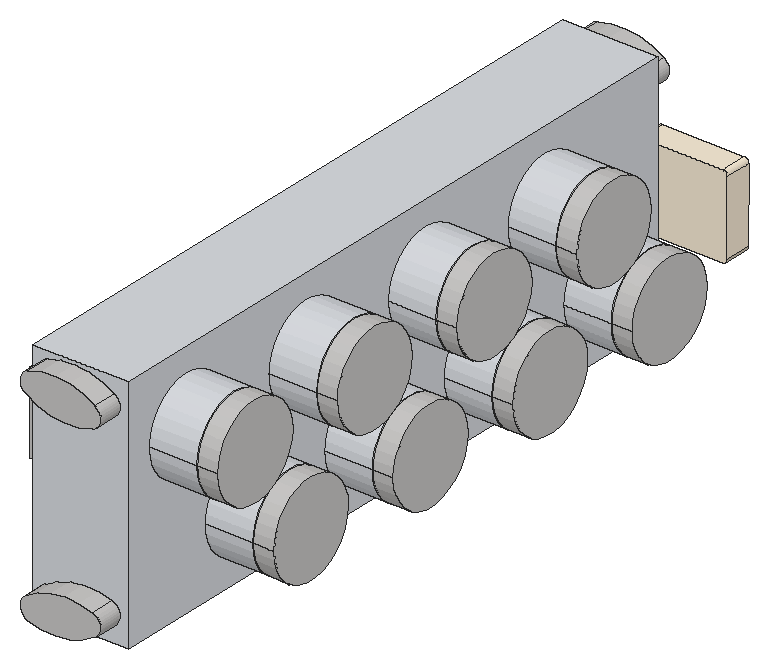
Revit family "HVAC_Ductwork_Airzone_Motorized-Plenum_Mitsubishi-Heavy_Standard_8-Dampers", category Mechanical Equipment, Revit 2016
Family settings
  Part Type = Normal
  Round Connector Dimension = Use Diameter
  OmniClass Number = 23.75.70.14
  OmniClass Title = Air Ductwork
  Work Plane-Based = No
  Always vertical = Yes
  Cut with Voids When Loaded = No
  Shared = No
  Room Calculation Point = No
Parameters (values of type "MHIST01L8")
  Voltage = 230 V
  URL = "www.airzone.es"
  Type Image Comments = "Image available in product documentation download"  # constant formula
  Revit Model Version = "1.0"  # constant formula
  Revit Model Author URL = "www.a3d.es"
  Revit Model Author = "A3D Consulting"  # constant formula
  Product Documentation Download URL = "http://doc.airzone.es/BIM/Easyzone/Mitsubishi_Heavy-Airzone_motorized_plenum.zip"
  Product Comments = "Refer to technical documentation for further details"  # constant formula
  Power Factor = 1
  Neck Width = 1206.000 mm
  Neck Length = 95.000 mm
  Neck Height = 176.000 mm
  Material = Metal - AIRZONE - Galvanized Sheet - Semi-polished
  Main Control Board Material = Plastic - AIRZONE - Smooth - Off-white
  Load Classification = Other
  Insulated Body Width = 205.000 mm  # constant formula
  Insulated Body Material = Metal -AIRZONE - Insulating Lining -Aluminum Finish
  Insulated Body Length = 1425.000 mm  # constant formula
  Insulated Body Height = 515.000 mm  # constant formula
  Fresh Air Inlet 4 Flow [instance] = 0 m³/h
  Fresh Air Inlet 3 Flow [instance] = 0 m³/h
  Flow [instance] = Damper 8 Air Flow + Damper 7 Air Flow + Damper 6 Air Flow + Damper 5 Air Flow + Damper 4 Air Flow + Damper 3 Air Flow + Damper 2 Air Flow + Damper 1 Air Flow - Fresh Air Inlet 4 Flow - Fresh Air Inlet 3 Flow - Fresh Air Inlet 2 Flow - Fresh Air Inlet 1 Flow  # 2400 m³/h
  Fresh Air Inlet 1 Flow [instance] = 0 m³/h
  Fresh Air Inlet 2 Flow [instance] = 0 m³/h
  Fresh Air Inlet Connection Width = 175.000 mm
  Fresh Air Inlet Connection Height = 75.000 mm
  Model = "MHIST01L8"
  Neck Side Offset = 109.500 mm
  Neck Bottom Offset = 214.500 mm
  Type Image = <None>
  Manufacturer = "AIRZONE"  # constant formula
  Main Control Board Depth = 57.000 mm  # constant formula
  Main Control Board Width = 195.000 mm  # constant formula
  Main Control Board Height = 180.000 mm  # constant formula
  Fixing = ""
  Disclaimer = "All information provided in this model is reviewed before being published. However, Airzone cannot guarantee this model is error-free, therefore users are strongly encouraged to check for technical documentation and updates"  # constant formula
  Description = "Airzone standard motorized plenum with neck that mechanically adapts to the main ducted AC units of Mitsubishi Heavy."
  Type Comments = ""
  Dampers Length = 149.000 mm  # constant formula
  Dampers Diameter = 200.000 mm  # constant formula
  Damper 8 Air Flow [instance] = 300 m³/h
  Damper 7 Air Flow [instance] = 300 m³/h
  Damper 6 Air Flow [instance] = 300 m³/h
  Damper 5 Air Flow [instance] = 300 m³/h
  Damper 4 Air Flow [instance] = 300 m³/h
  Damper 1 Air Flow [instance] = 300 m³/h
  Damper 2 Air Flow [instance] = 300 m³/h
  Damper 3 Air Flow [instance] = 300 m³/h
  Fresh Air Inlet Connection Offset Height = 48.305 mm  # constant formula
  Compatible Accesories = ""
  Apparent Load = 57.5 VA
Reference planes
  plane 1 "Center (Front/Back)": y = 0
  plane 2 "Center (Elevation)": z = 0
  plane 3 "Center (Left/Right)": x = 0
  plane 4 "Neck Back": y = 603
  plane 5 "Neck Front": y = -603
  plane 6 "Neck Top": z = 88
  plane 7 "Neck Bottom": z = -88
  plane 8 "Left": x = 95
  plane 9 "Bottom": z = -302.5
  plane 10 "Top": z = 212.5
  plane 11 "Front": y = -712.5
  plane 12 "Back": y = 712.5
  plane 13 "Right": x = 300
  plane 14 "Dampers Front": x = 449
  plane 15 "Dampers L1 Center (Elevation)": z = 62.5
  plane 16 "Damper3": y = -235.84
  plane 17 "Damper2": y = 85.83
  plane 18 "Damper1": y = 407.5
  plane 19 "Middle": y = 0
  plane 20 "FreshAir L2 Center (Elevation)": z = -254.195
  plane 21 "FreshAir1": y = 765
  plane 22 "FreshAir2": y = -765
  plane 23 "Dampers Lining": x = 404
  plane 24 "FreshAir Vertical Axis": x = 195.83
  plane 25 "ConnectionBox Side": x = 254
  plane 26 "Main Control Board Center (Left/Right)": x = 351.5
  plane 27 "Damper4": y = -557.51
  plane 28 "Dampers L2 Center (Elevation)": z = -152.5
  plane 29 "Damper5": y = 557.51
  plane 30 "Damper6": y = 235.84
  plane 31 "Damper7": y = -85.83
  plane 32 "Damper8": y = -407.5
  plane 33 "InsulatedBody Center (Elevation)": z = -45
  plane 34 "FreshAir L1 Center (Elevation)": z = 164.195
Forms (mm)
  Extrusion 1, solid, material "Metal - AIRZONE - Galvanized Sheet - Semi-polished" <- "Material"
    sketch origin (0, 0, 0) x (0, 1, 0) y (0, 0, 1)
      loop
        line (-603, 88) -> (-603, -88) -> (603, -88) -> (603, 88) -> (-603, 88)
    from 0 to 95
  Extrusion 2, solid, material "Metal -AIRZONE - Insulating Lining -Aluminum Finish" <- "Insulated Body Material"
    sketch origin (95, 0, 0) x (0, 1, 0) y (0, 0, 1)
      loop
        line (-712.5, 212.5) -> (-712.5, -302.5) -> (712.5, -302.5) -> (712.5, 212.5) -> (-712.5, 212.5)
    from 0 to 205
  Extrusion 3, solid, material "Metal - AIRZONE - Galvanized Sheet - Semi-polished" <- "Material"
    sketch origin (300, 0, 0) x (0, 1, 0) y (0, 0, 1)
      loop
        circle (-235.84, 62.5) r 100
    from 104 to 149
  Extrusion 4, solid, material "Metal - AIRZONE - Galvanized Sheet - Semi-polished" <- "Material"
    sketch origin (300, 0, 0) x (0, 1, 0) y (0, 0, 1)
      loop
        circle (85.83, 62.5) r 100
    from 104 to 149
  Extrusion 5, solid, material "Metal - AIRZONE - Galvanized Sheet - Semi-polished" <- "Material"
    sketch origin (300, 0, 0) x (0, 1, 0) y (0, 0, 1)
      loop
        circle (407.5, 62.5) r 100
    from 104 to 149
  Extrusion 6, solid, material "Metal - AIRZONE - Galvanized Sheet - Semi-polished" <- "Material"
    sketch origin (0, -712.5, 0) x (0, 0, 1) y (1, 0, 0)
      loop
        arc (-221.641, 265.204) -> (-243.108, 282.105) -> (-267.812, 270.434) r 25.96
        arc (-267.812, 270.434) -> (-293.802, 200.598) -> (-286.349, 126.456) r 164.67
        arc (-286.349, 126.456) -> (-265.165, 109.589) -> (-240.494, 120.751) r 25.96
        arc (-240.494, 120.751) -> (-214.225, 190.78) -> (-221.641, 265.204) r 164.67
    from 0 to -52.5
  Extrusion 7, solid, material "Metal - AIRZONE - Galvanized Sheet - Semi-polished" <- "Material"
    sketch origin (0, 712.5, 0) x (0, 0, 1) y (1, 0, 0)
      loop
        arc (-221.641, 265.204) -> (-242.825, 282.071) -> (-267.496, 270.909) r 25.96
        arc (-267.496, 270.909) -> (-293.679, 201.53) -> (-286.767, 127.699) r 164.67
        arc (-286.767, 127.699) -> (-265.532, 109.637) -> (-240.178, 121.226) r 25.96
        arc (-240.178, 121.226) -> (-214.188, 191.062) -> (-221.641, 265.204) r 164.67
    from 0 to 52.5
  Extrusion 8, solid, material "Metal -AIRZONE - Insulating Lining -Aluminum Finish" <- "Insulated Body Material"
    sketch origin (300, 0, 0) x (0, 1, 0) y (0, 0, 1)
      loop
        circle (407.5, 62.5) r 100
    from 0 to 104
  Extrusion 9, solid, material "Metal -AIRZONE - Insulating Lining -Aluminum Finish" <- "Insulated Body Material"
    sketch origin (300, -260, 0) x (0, 1, 0) y (0, 0, 1)
      loop
        circle (345.83, 62.5) r 100
    from 0 to 104
  Extrusion 10, solid, material "Metal -AIRZONE - Insulating Lining -Aluminum Finish" <- "Insulated Body Material"
    sketch origin (300, -520, 0) x (0, 1, 0) y (0, 0, 1)
      loop
        circle (284.16, 62.5) r 100
    from 0 to 104
  Extrusion 11, solid, material "Metal - AIRZONE - Galvanized Sheet - Semi-polished" <- "Material"
    sketch origin (300, -190, 0) x (0, 1, 0) y (0, 0, 1)
      loop
        circle (-367.51, 62.5) r 100
    from 104 to 149
  Extrusion 12, solid, material "Metal -AIRZONE - Insulating Lining -Aluminum Finish" <- "Insulated Body Material"
    sketch origin (300, -710, 0) x (0, 1, 0) y (0, 0, 1)
      loop
        circle (152.49, 62.5) r 100
    from 0 to 104
  Extrusion 13, solid, material "Metal -AIRZONE - Insulating Lining -Aluminum Finish" <- "Insulated Body Material"
    sketch origin (300, -100, 0) x (0, 1, 0) y (0, 0, 1)
      loop
        circle (657.51, -152.5) r 100
    from 0 to 104
  Extrusion 14, solid, material "Metal - AIRZONE - Galvanized Sheet - Semi-polished" <- "Material"
    sketch origin (300, 150.01, 0) x (0, 1, 0) y (0, 0, 1)
      loop
        circle (407.5, -152.5) r 100
    from 104 to 149
  Extrusion 15, solid, material "Metal -AIRZONE - Insulating Lining -Aluminum Finish" <- "Insulated Body Material"
    sketch origin (300, -421.67, 0) x (0, 1, 0) y (0, 0, 1)
      loop
        circle (657.51, -152.5) r 100
    from 0 to 104
  Extrusion 16, solid, material "Metal - AIRZONE - Galvanized Sheet - Semi-polished" <- "Material"
    sketch origin (300, -171.66, 0) x (0, 1, 0) y (0, 0, 1)
      loop
        circle (407.5, -152.5) r 100
    from 104 to 149
  Extrusion 17, solid, material "Metal -AIRZONE - Insulating Lining -Aluminum Finish" <- "Insulated Body Material"
    sketch origin (300, -743.34, 0) x (0, 1, 0) y (0, 0, 1)
      loop
        circle (657.51, -152.5) r 100
    from 0 to 104
  Extrusion 18, solid, material "Metal - AIRZONE - Galvanized Sheet - Semi-polished" <- "Material"
    sketch origin (300, -493.33, 0) x (0, 1, 0) y (0, 0, 1)
      loop
        circle (407.5, -152.5) r 100
    from 104 to 149
  Extrusion 19, solid, material "Metal -AIRZONE - Insulating Lining -Aluminum Finish" <- "Insulated Body Material"
    sketch origin (300, -1065.01, 0) x (0, 1, 0) y (0, 0, 1)
      loop
        circle (657.51, -152.5) r 100
    from 0 to 104
  Extrusion 20, solid, material "Metal - AIRZONE - Galvanized Sheet - Semi-polished" <- "Material"
    sketch origin (300, -815, 0) x (0, 1, 0) y (0, 0, 1)
      loop
        circle (407.5, -152.5) r 100
    from 104 to 149
  Extrusion 21, solid, material "Metal - AIRZONE - Galvanized Sheet - Semi-polished" <- "Material"
    sketch origin (0, -712.5, -30) x (0, 0, -1) y (-1, 0, 0)
      loop
        arc (-161.641, -265.204) -> (-154.225, -190.78) -> (-180.494, -120.751) r 164.67
        arc (-180.494, -120.751) -> (-205.165, -109.589) -> (-226.349, -126.456) r 25.96
        arc (-226.349, -126.456) -> (-233.802, -200.598) -> (-207.812, -270.434) r 164.67
        arc (-207.812, -270.434) -> (-183.108, -282.105) -> (-161.641, -265.204) r 25.96
    from 0 to -52.5
  Extrusion 22, solid, material "Metal - AIRZONE - Galvanized Sheet - Semi-polished" <- "Material"
    sketch origin (0, 712.5, -30) x (0, 0, -1) y (-1, 0, 0)
      loop
        arc (-161.641, -265.204) -> (-154.188, -191.062) -> (-180.178, -121.226) r 164.67
        arc (-180.178, -121.226) -> (-205.532, -109.637) -> (-226.767, -127.699) r 25.96
        arc (-226.767, -127.699) -> (-233.679, -201.53) -> (-207.496, -270.909) r 164.67
        arc (-207.496, -270.909) -> (-182.825, -282.071) -> (-161.641, -265.204) r 25.96
    from 0 to 52.5
Lines and regions (mm)
  Masking region 1
    outline origin (0, 0, 0) x (1, 0, 0) y (0, 1, 0)
      loop
        line (95, 712.5) -> (95, -712.5) -> (300, -712.5) -> (300, 712.5) -> (95, 712.5)
  Masking region 2, detail levels medium+fine
    outline origin (0, 0, 0) x (1, 0, 0) y (0, 1, 0)
      loop
        line (0, 603) -> (0, -603) -> (95, -603) -> (95, 603) -> (0, 603)
  Masking region 3, detail levels medium+fine
    outline origin (0, 0, -254.195) x (1, 0, 0) y (0, 1, 0)
      loop
        line (108.33, 765) -> (108.33, 712.5) -> (283.33, 712.5) -> (283.33, 765) -> (108.33, 765)
  Masking region 4, detail levels medium+fine
    outline origin (0, 0, -254.195) x (1, 0, 0) y (0, 1, 0)
      loop
        line (108.33, -712.5) -> (108.33, -765) -> (283.33, -765) -> (283.33, -712.5) -> (108.33, -712.5)
  Masking region 5, detail levels medium+fine
    outline origin (0, 0, 0) x (1, 0, 0) y (0, 1, 0)
      loop
        line (254, 769.5) -> (254, 712.5) -> (449, 712.5) -> (449, 769.5) -> (254, 769.5)
  Masking region 6, detail levels medium+fine
    outline origin (0, 0, 62.5) x (0, -1, 0) y (1, 0, 0)
      loop
        line (457.51, 300) -> (657.51, 300) -> (657.51, 449) -> (457.51, 449) -> (457.51, 300)
  Masking region 7, detail levels medium+fine
    outline origin (0, 321.67, 62.5) x (0, -1, 0) y (1, 0, 0)
      loop
        line (457.51, 300) -> (657.51, 300) -> (657.51, 449) -> (457.51, 449) -> (457.51, 300)
  Masking region 8, detail levels medium+fine
    outline origin (0, 643.34, 62.5) x (0, -1, 0) y (1, 0, 0)
      loop
        line (457.51, 300) -> (657.51, 300) -> (657.51, 449) -> (457.51, 449) -> (457.51, 300)
  Masking region 9, detail levels medium+fine
    outline origin (0, 965.01, 62.5) x (0, -1, 0) y (1, 0, 0)
      loop
        line (457.51, 300) -> (657.51, 300) -> (657.51, 449) -> (457.51, 449) -> (457.51, 300)
  Masking region 10, detail levels medium+fine
    outline origin (0, 0, -152.5) x (0, -1, 0) y (1, 0, 0)
      loop
        line (-657.51, 300) -> (-457.51, 300) -> (-457.51, 449) -> (-657.51, 449) -> (-657.51, 300)
  Masking region 11, detail levels medium+fine
    outline origin (0, -321.67, -152.5) x (0, -1, 0) y (1, 0, 0)
      loop
        line (-657.51, 300) -> (-457.51, 300) -> (-457.51, 449) -> (-657.51, 449) -> (-657.51, 300)
  Masking region 12, detail levels medium+fine
    outline origin (0, -643.34, -152.5) x (0, -1, 0) y (1, 0, 0)
      loop
        line (-657.51, 300) -> (-457.51, 300) -> (-457.51, 449) -> (-657.51, 449) -> (-657.51, 300)
  Masking region 13, detail levels medium+fine
    outline origin (0, -965.01, -152.5) x (0, -1, 0) y (1, 0, 0)
      loop
        line (-657.51, 300) -> (-457.51, 300) -> (-457.51, 449) -> (-657.51, 449) -> (-657.51, 300)
  symbolic lines, detail levels coarse
    curve 1: line (95, -712.5, 0) -> (300, 0, 0)
    curve 2: line (300, 0, 0) -> (95, 712.5, 0)
Dimensions and locks
  equal spacing: plane 4 "Neck Back", plane 1 "Center (Front/Back)", plane 5 "Neck Front"
  "Neck Width": plane 4 "Neck Back" to plane 5 "Neck Front"
  equal spacing: plane 6 "Neck Top", level, plane 7 "Neck Bottom"
  "Neck Height": plane 6 "Neck Top" to plane 7 "Neck Bottom"
  "Neck Length": plane 3 "Center (Left/Right)" to plane 8 "Left"
  "Neck Bottom Offset": plane 7 "Neck Bottom" to plane 9 "Bottom"
  "Insulated Body Height": plane 10 "Top" to plane 9 "Bottom"
  "Insulated Body Length": plane 12 "Back" to plane 11 "Front"
  "Insulated Body Width": plane 8 "Left" to plane 13 "Right"
  "Dampers Length": plane 13 "Right" to plane 14 "Dampers Front"
  equal spacing: plane 12 "Back", plane 19 "Middle", plane 11 "Front"
  plane 8 "Left" to plane 13 "Right" = 205.000 mm
  "Fresh Air Inlet Connection Offset Height": plane 20 "FreshAir L2 Center (Elevation)" to plane 9 "Bottom"
  locked: Extrusion 6 sketch curve to plane 9 "Bottom" at 56.47
  locked: plane 13 "Right" to Extrusion 6 sketch curve at 43.69
  locked: plane 13 "Right" to Extrusion 6 sketch curve at 164.65
  locked: Extrusion 6 sketch curve to plane 9 "Bottom" at 40.54
  locked: plane 13 "Right" to Extrusion 6 sketch curve at 87.91
  locked: plane 9 "Bottom" to Extrusion 6 sketch curve at 75.01
  locked: plane 13 "Right" to Extrusion 6 sketch curve at 120.43
  locked: Extrusion 6 sketch curve to plane 9 "Bottom" at 172.02
  locked: plane 13 "Right" to Extrusion 7 sketch curve at 43.69
  locked: Extrusion 7 sketch curve to plane 9 "Bottom" at 56.47
  locked: Extrusion 7 sketch curve to plane 9 "Bottom" at 40.54
  locked: plane 13 "Right" to Extrusion 7 sketch curve at 164.65
  locked: plane 13 "Right" to Extrusion 7 sketch curve at 120.43
  locked: Extrusion 7 sketch curve to plane 9 "Bottom" at 172.02
  locked: plane 9 "Bottom" to Extrusion 7 sketch curve at 75.01
  locked: plane 13 "Right" to Extrusion 7 sketch curve at 87.91
  "Neck Side Offset": plane 12 "Back" to plane 4 "Neck Back"
  locked: plane 21 "FreshAir1" to plane 12 "Back" at 52.5
  plane 11 "Front" to plane 22 "FreshAir2" = 52.500 mm
  locked: connector elem to plane 13 "Right" at 104.17
  locked: plane 20 "FreshAir L2 Center (Elevation)" to connector elem
  locked: plane 13 "Right" to connector elem at 104.17
  locked: connector elem to plane 20 "FreshAir L2 Center (Elevation)"
  locked: plane 23 "Dampers Lining" to plane 14 "Dampers Front" at 45
  locked: plane 24 "FreshAir Vertical Axis" to plane 13 "Right" at 104.17
  equal spacing: Masking region 3 sketch curve, plane 24 "FreshAir Vertical Axis", Masking region 3 sketch curve
  "Fresh Air Inlet Connection Width": Masking region 3 sketch curve to Masking region 3 sketch curve
  equal spacing: Masking region 4 sketch curve, plane 24 "FreshAir Vertical Axis", Masking region 4 sketch curve
  "Fresh Air Inlet Connection Width": Masking region 4 sketch curve to Masking region 4 sketch curve
  "Main Control Board Depth": Masking region 5 sketch curve to plane 12 "Back"
  "Main Control Board Width": plane 25 "ConnectionBox Side" to plane 14 "Dampers Front"
  equal spacing: plane 25 "ConnectionBox Side", plane 26 "Main Control Board Center (Left/Right)", plane 14 "Dampers Front"
  equal spacing: Masking region 6 sketch curve, plane 27 "Damper4", Masking region 6 sketch curve
  "Dampers Diameter": Masking region 6 sketch curve to Masking region 6 sketch curve
  plane 18 "Damper1" to plane 17 "Damper2" to plane 16 "Damper3" to plane 27 "Damper4" = 321.670 mm locked, 321.670 mm locked, 321.670 mm locked
  locked: plane 17 "Damper2" to plane 19 "Middle" at 85.83
  locked: plane 10 "Top" to plane 15 "Dampers L1 Center (Elevation)" at 150
  locked: plane 28 "Dampers L2 Center (Elevation)" to plane 9 "Bottom" at 150
  plane 29 "Damper5" to plane 30 "Damper6" to plane 31 "Damper7" to plane 32 "Damper8" = 321.670 mm locked, 321.670 mm locked, 321.670 mm locked
  locked: plane 19 "Middle" to plane 31 "Damper7" at 85.83
  equal spacing: Masking region 7 sketch curve, plane 16 "Damper3", Masking region 7 sketch curve
  "Dampers Diameter": Masking region 7 sketch curve to Masking region 7 sketch curve
  equal spacing: Masking region 8 sketch curve, plane 17 "Damper2", Masking region 8 sketch curve
  "Dampers Diameter": Masking region 8 sketch curve to Masking region 8 sketch curve
  equal spacing: Masking region 9 sketch curve, plane 18 "Damper1", Masking region 9 sketch curve
  "Dampers Diameter": Masking region 9 sketch curve to Masking region 9 sketch curve
  equal spacing: Masking region 10 sketch curve, plane 29 "Damper5", Masking region 10 sketch curve
  "Dampers Diameter": Masking region 10 sketch curve to Masking region 10 sketch curve
  equal spacing: Masking region 11 sketch curve, plane 30 "Damper6", Masking region 11 sketch curve
  "Dampers Diameter": Masking region 11 sketch curve to Masking region 11 sketch curve
  equal spacing: Masking region 12 sketch curve, plane 31 "Damper7", Masking region 12 sketch curve
  "Dampers Diameter": Masking region 12 sketch curve to Masking region 12 sketch curve
  equal spacing: Masking region 13 sketch curve, plane 32 "Damper8", Masking region 13 sketch curve
  "Dampers Diameter": Masking region 13 sketch curve to Masking region 13 sketch curve
  equal spacing: plane 10 "Top", plane 33 "InsulatedBody Center (Elevation)", plane 9 "Bottom"
  locked: plane 13 "Right" to Extrusion 21 sketch curve at 43.69
  locked: plane 13 "Right" to Extrusion 21 sketch curve at 87.91
  locked: plane 13 "Right" to Extrusion 21 sketch curve at 120.43
  locked: plane 13 "Right" to Extrusion 21 sketch curve at 164.65
  locked: Extrusion 21 sketch curve to plane 10 "Top" at 75.01
  locked: plane 10 "Top" to Extrusion 21 sketch curve at 40.54
  locked: plane 10 "Top" to Extrusion 21 sketch curve at 56.47
  locked: plane 10 "Top" to Extrusion 21 sketch curve at 172.02
  locked: plane 10 "Top" to Extrusion 22 sketch curve at 75.01
  locked: Extrusion 22 sketch curve to plane 10 "Top" at 40.54
  locked: Extrusion 22 sketch curve to plane 10 "Top" at 56.47
  locked: Extrusion 22 sketch curve to plane 10 "Top" at 172.02
  locked: plane 13 "Right" to Extrusion 22 sketch curve at 43.69
  locked: plane 13 "Right" to Extrusion 22 sketch curve at 87.91
  locked: plane 13 "Right" to Extrusion 22 sketch curve at 120.43
  locked: plane 13 "Right" to Extrusion 22 sketch curve at 164.65
  "Fresh Air Inlet Connection Offset Height": plane 10 "Top" to plane 34 "FreshAir L1 Center (Elevation)"
  locked: connector elem to plane 24 "FreshAir Vertical Axis"  (x2)
  locked: connector elem to plane 34 "FreshAir L1 Center (Elevation)"  (x2)
  "Dampers Diameter": diameter of Extrusion 3 sketch curve
  "Dampers Diameter": diameter of Extrusion 4 sketch curve
  "Dampers Diameter": diameter of Extrusion 5 sketch curve
  radius of Extrusion 7 sketch curve = 164.670 mm  (x2)
  radius of Extrusion 7 sketch curve = 25.960 mm  (x2)
  radius of Extrusion 6 sketch curve = 164.670 mm  (x2)
  radius of Extrusion 6 sketch curve = 25.960 mm  (x2)
  "Dampers Diameter": diameter of Extrusion 8 sketch curve
  "Dampers Diameter": diameter of Extrusion 9 sketch curve
  "Dampers Diameter": diameter of Extrusion 10 sketch curve
  "Dampers Diameter": diameter of Extrusion 11 sketch curve
  "Dampers Diameter": diameter of Extrusion 12 sketch curve
  "Dampers Diameter": diameter of Extrusion 13 sketch curve
  "Dampers Diameter": diameter of Extrusion 14 sketch curve
  "Dampers Diameter": diameter of Extrusion 15 sketch curve
  "Dampers Diameter": diameter of Extrusion 16 sketch curve
  "Dampers Diameter": diameter of Extrusion 17 sketch curve
  "Dampers Diameter": diameter of Extrusion 18 sketch curve
  "Dampers Diameter": diameter of Extrusion 19 sketch curve
  "Dampers Diameter": diameter of Extrusion 20 sketch curve
  radius of Extrusion 21 sketch curve = 164.670 mm  (x2)
  radius of Extrusion 21 sketch curve = 25.960 mm  (x2)
  radius of Extrusion 22 sketch curve = 164.670 mm  (x2)
  radius of Extrusion 22 sketch curve = 25.960 mm  (x2)
  aligned and locked: level to plane 2 "Center (Elevation)"
  aligned and locked: plane 5 "Neck Front" to Extrusion 1 sketch curve
  aligned and locked: Extrusion 1 sketch curve to plane 6 "Neck Top"
  aligned and locked: Extrusion 1 sketch curve to plane 4 "Neck Back"
  aligned and locked: plane 7 "Neck Bottom" to Extrusion 1 sketch curve
  aligned and locked: Extrusion 1 to plane 3 "Center (Left/Right)"
  aligned and locked: Extrusion 2 sketch curve to plane 10 "Top"
  aligned and locked: Extrusion 2 sketch curve to plane 12 "Back"
  aligned and locked: plane 9 "Bottom" to Extrusion 2 sketch curve
  aligned and locked: plane 11 "Front" to Extrusion 2 sketch curve
  aligned and locked: plane 13 "Right" to Extrusion 2
  aligned and locked: Extrusion 2 to plane 8 "Left"
  aligned and locked: plane 16 "Damper3" to Extrusion 3 sketch curve
  aligned and locked: plane 15 "Dampers L1 Center (Elevation)" to Extrusion 3 sketch curve
  aligned and locked: plane 15 "Dampers L1 Center (Elevation)" to Extrusion 4 sketch curve
  aligned and locked: plane 18 "Damper1" to Extrusion 5 sketch curve
  aligned and locked: plane 15 "Dampers L1 Center (Elevation)" to Extrusion 5 sketch curve
  aligned and locked: plane 14 "Dampers Front" to Extrusion 5
  aligned and locked: plane 14 "Dampers Front" to Extrusion 4
  aligned and locked: plane 14 "Dampers Front" to Extrusion 3
  aligned and locked: plane 8 "Left" to Extrusion 1
  aligned and locked: plane 22 "FreshAir2" to Extrusion 6
  aligned and locked: plane 21 "FreshAir1" to Extrusion 7
  aligned and locked: Extrusion 7 to plane 12 "Back"
  aligned and locked: plane 11 "Front" to Extrusion 6
  aligned and locked: Extrusion 5 to plane 23 "Dampers Lining"
  aligned and locked: Extrusion 5 to Extrusion 4
  aligned and locked: Extrusion 4 to Extrusion 3
  aligned and locked: plane 23 "Dampers Lining" to Extrusion 8
  aligned and locked: Extrusion 10 to plane 13 "Right"
  aligned and locked: plane 23 "Dampers Lining" to Extrusion 10
  aligned and locked: Extrusion 9 to plane 13 "Right"
  aligned and locked: plane 23 "Dampers Lining" to Extrusion 9
  aligned and locked: Extrusion 8 to plane 13 "Right"
  aligned and locked: Extrusion 9 to Extrusion 8
  aligned and locked: plane 18 "Damper1" to Extrusion 8 sketch curve
  aligned and locked: plane 15 "Dampers L1 Center (Elevation)" to Extrusion 8 sketch curve
  aligned and locked: plane 15 "Dampers L1 Center (Elevation)" to Extrusion 9 sketch curve
  aligned and locked: plane 16 "Damper3" to Extrusion 10 sketch curve
  aligned and locked: plane 15 "Dampers L1 Center (Elevation)" to Extrusion 10 sketch curve
  aligned and locked: Masking region 1 sketch curve to plane 12 "Back"
  aligned and locked: plane 8 "Left" to Masking region 1 sketch curve
  aligned and locked: Masking region 1 sketch curve to plane 13 "Right"
  aligned and locked: plane 11 "Front" to Masking region 1 sketch curve
  aligned and locked: plane 5 "Neck Front" to Masking region 2 sketch curve
  aligned and locked: plane 3 "Center (Left/Right)" to Masking region 2 sketch curve
  aligned and locked: Masking region 2 sketch curve to plane 4 "Neck Back"
  aligned and locked: Masking region 2 sketch curve to plane 8 "Left"
  aligned and locked: plane 12 "Back" to Masking region 3 sketch curve
  aligned and locked: Masking region 3 sketch curve to plane 21 "FreshAir1"
  aligned and locked: Masking region 4 sketch curve to plane 11 "Front"
  aligned and locked: Masking region 4 sketch curve to plane 22 "FreshAir2"
  aligned and locked: plane 12 "Back" to Masking region 5 sketch curve
  aligned and locked: Masking region 5 sketch curve to plane 14 "Dampers Front"
  aligned and locked: plane 25 "ConnectionBox Side" to Masking region 5 sketch curve
  aligned and locked: plane 17 "Damper2" to Extrusion 9 sketch curve
  aligned and locked: plane 17 "Damper2" to Extrusion 4 sketch curve
  aligned and locked: Masking region 6 sketch curve to plane 14 "Dampers Front"
  aligned and locked: plane 13 "Right" to Masking region 6 sketch curve
  aligned and locked: Extrusion 12 to plane 13 "Right"
  aligned and locked: plane 23 "Dampers Lining" to Extrusion 12
  aligned and locked: Extrusion 11 to plane 23 "Dampers Lining"
  aligned and locked: plane 14 "Dampers Front" to Extrusion 11
  aligned and locked: plane 15 "Dampers L1 Center (Elevation)" to Extrusion 12 sketch curve
  aligned and locked: plane 27 "Damper4" to Extrusion 12 sketch curve
  aligned and locked: plane 15 "Dampers L1 Center (Elevation)" to Extrusion 11 sketch curve
  aligned and locked: plane 27 "Damper4" to Extrusion 11 sketch curve
  aligned and locked: Extrusion 13 to plane 13 "Right"
  aligned and locked: plane 23 "Dampers Lining" to Extrusion 13
  aligned and locked: plane 28 "Dampers L2 Center (Elevation)" to Extrusion 13 sketch curve
  aligned and locked: plane 29 "Damper5" to Extrusion 13 sketch curve
  aligned and locked: Extrusion 14 to plane 23 "Dampers Lining"
  aligned and locked: plane 14 "Dampers Front" to Extrusion 14
  aligned and locked: plane 28 "Dampers L2 Center (Elevation)" to Extrusion 14 sketch curve
  aligned and locked: plane 29 "Damper5" to Extrusion 14 sketch curve
  aligned and locked: Extrusion 15 to plane 13 "Right"
  aligned and locked: plane 23 "Dampers Lining" to Extrusion 15
  aligned and locked: Extrusion 17 to plane 13 "Right"
  aligned and locked: plane 23 "Dampers Lining" to Extrusion 17
  aligned and locked: Extrusion 19 to plane 13 "Right"
  aligned and locked: plane 23 "Dampers Lining" to Extrusion 19
  aligned and locked: Extrusion 20 to plane 23 "Dampers Lining"
  aligned and locked: plane 14 "Dampers Front" to Extrusion 20
  aligned and locked: Extrusion 18 to plane 23 "Dampers Lining"
  aligned and locked: plane 14 "Dampers Front" to Extrusion 18
  aligned and locked: Extrusion 16 to plane 23 "Dampers Lining"
  aligned and locked: plane 14 "Dampers Front" to Extrusion 16
  aligned and locked: plane 30 "Damper6" to Extrusion 16 sketch curve
  aligned and locked: plane 28 "Dampers L2 Center (Elevation)" to Extrusion 16 sketch curve
  aligned and locked: plane 31 "Damper7" to Extrusion 18 sketch curve
  aligned and locked: plane 28 "Dampers L2 Center (Elevation)" to Extrusion 18 sketch curve
  aligned and locked: plane 32 "Damper8" to Extrusion 20 sketch curve
  aligned and locked: plane 28 "Dampers L2 Center (Elevation)" to Extrusion 20 sketch curve
  aligned and locked: plane 32 "Damper8" to Extrusion 19 sketch curve
  aligned and locked: plane 28 "Dampers L2 Center (Elevation)" to Extrusion 19 sketch curve
  aligned and locked: plane 28 "Dampers L2 Center (Elevation)" to Extrusion 17 sketch curve
  aligned and locked: plane 31 "Damper7" to Extrusion 17 sketch curve
  aligned and locked: plane 30 "Damper6" to Extrusion 15 sketch curve
  aligned and locked: plane 28 "Dampers L2 Center (Elevation)" to Extrusion 15 sketch curve
  aligned and locked: plane 13 "Right" to Masking region 7 sketch curve
  aligned and locked: Masking region 7 sketch curve to plane 14 "Dampers Front"
  aligned and locked: plane 13 "Right" to Masking region 8 sketch curve
  aligned and locked: Masking region 8 sketch curve to plane 14 "Dampers Front"
  aligned and locked: plane 13 "Right" to Masking region 9 sketch curve
  aligned and locked: Masking region 9 sketch curve to plane 14 "Dampers Front"
  aligned and locked: plane 13 "Right" to Masking region 10 sketch curve
  aligned and locked: Masking region 10 sketch curve to plane 14 "Dampers Front"
  aligned and locked: plane 13 "Right" to Masking region 13 sketch curve
  aligned and locked: Masking region 13 sketch curve to plane 14 "Dampers Front"
  aligned and locked: plane 13 "Right" to Masking region 12 sketch curve
  aligned and locked: Masking region 12 sketch curve to plane 14 "Dampers Front"
  aligned and locked: plane 13 "Right" to Masking region 11 sketch curve
  aligned and locked: Masking region 11 sketch curve to plane 14 "Dampers Front"
  aligned and locked: plane 11 "Front" to Extrusion 21
  aligned and locked: plane 22 "FreshAir2" to Extrusion 21
  aligned and locked: plane 21 "FreshAir1" to Extrusion 22
  aligned and locked: Extrusion 22 to plane 12 "Back"
  aligned and locked: nested 1 to plane 12 "Back"
  aligned and locked: nested 1 to plane 26 "Main Control Board Center (Left/Right)"
  aligned and locked: nested 1 to plane 33 "InsulatedBody Center (Elevation)"
Automatic sketch dimensions
  curve 2 to plane 8 "Left" = 0.000 mm
  curve 1 to plane 8 "Left" = 0.000 mm
  curve 2 to plane 13 "Right" = 0.000 mm
  curve 1 to plane 11 "Front" = 0.000 mm
  curve 2 to plane 19 "Middle" = 0.000 mm
  curve 2 to plane 12 "Back" = 0.000 mm
Nested families
  nested 1: "Airzone_Main-Control-Board" at (351.5, 712.5, -45) x (-1, 0, 0) z (0, 1, 0), Extrusion <- "Main Control Board Depth", Height <- "Main Control Board Height", Width <- "Main Control Board Width", Material <- "Main Control Board Material", type "Standard"
    with Width 195.000 mm, Material Plastic - AIRZONE - Smooth - Off-white, Height 180.000 mm, Extrusion 57.000 mm
Connectors
  hvac at (449, -235.84, 62.5), driven by "Damper 3 Air Flow", driven by "Dampers Diameter"
    settings: on Extrusion 3, index 1, duct flow 300 m³/h, flow factor 0, pres drop 0.0 Pa, loss coef 0, conn angle 0.00°, conn width 304.8 mm, conn height 304.8 mm, conn diameter 200 mm, duct sys type 1, conn prof type 0, flow config 0, flow direction 2, loss method 0, conn ref index -1, conn util no, is conn primary no, conn desc "Supply Air Out 3"
  hvac at (449, 85.83, 62.5), driven by "Damper 2 Air Flow", driven by "Dampers Diameter"
    settings: on Extrusion 4, index 2, duct flow 300 m³/h, flow factor 0, pres drop 0.0 Pa, loss coef 0, conn angle 0.00°, conn width 304.8 mm, conn height 304.8 mm, conn diameter 200 mm, duct sys type 1, conn prof type 0, flow config 0, flow direction 2, loss method 0, conn ref index -1, conn util no, is conn primary no, conn desc "Supply Air Out 2"
  hvac at (449, 407.5, 62.5), driven by "Damper 1 Air Flow", driven by "Dampers Diameter"
    settings: on Extrusion 5, index 3, duct flow 300 m³/h, flow factor 0, pres drop 0.0 Pa, loss coef 0, conn angle 0.00°, conn width 304.8 mm, conn height 304.8 mm, conn diameter 200 mm, duct sys type 1, conn prof type 0, flow config 0, flow direction 2, loss method 0, conn ref index -1, conn util no, is conn primary no, conn desc "Supply Air Out 1"
  hvac at (0, 0, 0), driven by "Flow", driven by "Neck Height", driven by "Neck Width"
    settings: on Extrusion 1, index 6, duct flow 2400 m³/h, flow factor 0, pres drop 0.0 Pa, loss coef 0, conn angle 0.00°, conn width 1206 mm, conn height 176 mm, conn diameter 609.6 mm, duct sys type 1, conn prof type 1, flow config 1, flow direction 1, loss method 0, conn ref index -1, conn util no, is conn primary yes, conn desc "Supply Air In"
  hvac at (195.83, -765, -254.195), driven by "Fresh Air Inlet 4 Flow", driven by "Fresh Air Inlet Connection Width", driven by "Fresh Air Inlet Connection Height"
    settings: index 7, duct flow 0 m³/h, flow factor 0, pres drop 0.0 Pa, loss coef 0, conn angle 0.00°, conn width 175 mm, conn height 75 mm, conn diameter 609.6 mm, duct sys type 1, conn prof type 2, flow config 1, flow direction 1, loss method 0, conn ref index -1, conn util no, is conn primary no, conn desc "Fresh Air In 4"
  hvac at (195.83, 765, -254.195), driven by "Fresh Air Inlet 3 Flow", driven by "Fresh Air Inlet Connection Height", driven by "Fresh Air Inlet Connection Width"
    settings: index 8, duct flow 0 m³/h, flow factor 0, pres drop 0.0 Pa, loss coef 0, conn angle 0.00°, conn width 175 mm, conn height 75 mm, conn diameter 609.6 mm, duct sys type 1, conn prof type 2, flow config 1, flow direction 1, loss method 0, conn ref index -1, conn util no, is conn primary no, conn desc "Fresh Air In 3"
  hvac at (449, -557.51, 62.5), driven by "Damper 4 Air Flow", driven by "Dampers Diameter"
    settings: on Extrusion 11, index 9, duct flow 300 m³/h, flow factor 0, pres drop 0.0 Pa, loss coef 0, conn angle 0.00°, conn width 304.8 mm, conn height 304.8 mm, conn diameter 200 mm, duct sys type 1, conn prof type 0, flow config 0, flow direction 2, loss method 0, conn ref index -1, conn util no, is conn primary no, conn desc "Supply Air Out 4"
  hvac at (449, 557.51, -152.5), driven by "Dampers Diameter", driven by "Damper 5 Air Flow"
    settings: on Extrusion 14, index 10, duct flow 300 m³/h, flow factor 0, pres drop 0.0 Pa, loss coef 0, conn angle 0.00°, conn width 304.8 mm, conn height 304.8 mm, conn diameter 200 mm, duct sys type 1, conn prof type 0, flow config 0, flow direction 2, loss method 0, conn ref index -1, conn util no, is conn primary no, conn desc ""
  hvac at (449, 235.84, -152.5), driven by "Dampers Diameter", driven by "Damper 6 Air Flow"
    settings: on Extrusion 16, index 11, duct flow 300 m³/h, flow factor 0, pres drop 0.0 Pa, loss coef 0, conn angle 0.00°, conn width 304.8 mm, conn height 304.8 mm, conn diameter 200 mm, duct sys type 1, conn prof type 0, flow config 0, flow direction 2, loss method 0, conn ref index -1, conn util no, is conn primary no, conn desc ""
  hvac at (449, -85.83, -152.5), driven by "Dampers Diameter", driven by "Damper 7 Air Flow"
    settings: on Extrusion 18, index 12, duct flow 300 m³/h, flow factor 0, pres drop 0.0 Pa, loss coef 0, conn angle 0.00°, conn width 304.8 mm, conn height 304.8 mm, conn diameter 200 mm, duct sys type 1, conn prof type 0, flow config 0, flow direction 2, loss method 0, conn ref index -1, conn util no, is conn primary no, conn desc ""
  hvac at (449, -407.5, -152.5), driven by "Dampers Diameter", driven by "Damper 8 Air Flow"
    settings: on Extrusion 20, index 13, duct flow 300 m³/h, flow factor 0, pres drop 0.0 Pa, loss coef 0, conn angle 0.00°, conn width 304.8 mm, conn height 304.8 mm, conn diameter 200 mm, duct sys type 1, conn prof type 0, flow config 0, flow direction 2, loss method 0, conn ref index -1, conn util no, is conn primary no, conn desc ""
  hvac at (195.83, -765, 164.195), driven by "Fresh Air Inlet 2 Flow", driven by "Fresh Air Inlet Connection Height", driven by "Fresh Air Inlet Connection Width"
    settings: index 14, duct flow 0 m³/h, flow factor 0, pres drop 0.0 Pa, loss coef 0, conn angle 0.00°, conn width 175 mm, conn height 75 mm, conn diameter 609.6 mm, duct sys type 1, conn prof type 2, flow config 1, flow direction 1, loss method 0, conn ref index -1, conn util no, is conn primary no, conn desc "Fresh Air In 2"
  hvac at (195.83, 765, 164.195), driven by "Fresh Air Inlet 1 Flow", driven by "Fresh Air Inlet Connection Height", driven by "Fresh Air Inlet Connection Width"
    settings: index 15, duct flow 0 m³/h, flow factor 0, pres drop 0.0 Pa, loss coef 0, conn angle 0.00°, conn width 175 mm, conn height 75 mm, conn diameter 609.6 mm, duct sys type 1, conn prof type 2, flow config 1, flow direction 1, loss method 0, conn ref index -1, conn util no, is conn primary no, conn desc "Fresh Air In 1"
  electrical at (351.5, 769.5, -45), driven by "Load Classification", driven by "Voltage", driven by "Apparent Load", driven by "Power Factor"
    settings: on nested 1, index 16, voltage 230 V, apparent load 57.5 VA, apparent load phase1 0 VA, apparent load phase2 0 VA, apparent load phase3 0 VA, power factor 1, load classification "Other", number of poles 1, system type 30, power factor state 1, is connector primary yes, connector utility no, sub classification motor no, connector description "Power Supply"
Definition of nested family "Airzone_Main-Control-Board"
  Parameters (values of type "Standard")
    Width [instance] = 195.000 mm
    URL = "www.airzone.es"
    Revit Model Version = "1.0"  # constant formula
    Revit Model Author URL = "www.a3d.es"
    Revit Model Author = "A3D Consulting"  # constant formula
    Material [instance] = none
    Manufacturer = "AIRZONE"  # constant formula
    Height [instance] = 180.000 mm
    Extrusion [instance] = 57.000 mm
    Default Elevation = 0.000 mm
  Reference planes
    plane 1 "Center (Front/Back)": y = 0
    plane 2: z = 0
    plane 3 "Center (Left/Right)": x = 0
    plane 4: y = 90
    plane 5: y = -90
    plane 6: x = 97.5
    plane 7: x = -97.5
  Forms (mm)
    Extrusion 1, solid, material <- "Material"
      sketch origin (0, 0, 0) x (1, 0, 0) y (0, 1, 0)
        loop
          arc (-87.5, 90) -> (-94.571, 87.071) -> (-97.5, 80) r 10
          line (-97.5, 80) -> (-97.5, -80)
          arc (-97.5, -80) -> (-94.571, -87.071) -> (-87.5, -90) r 10
          line (-87.5, -90) -> (87.5, -90)
          arc (87.5, -90) -> (94.571, -87.071) -> (97.5, -80) r 10
          line (97.5, -80) -> (97.5, 80)
          arc (97.5, 80) -> (94.571, 87.071) -> (87.5, 90) r 10
          line (87.5, 90) -> (-87.5, 90)
      from 0 to 57 <- "Extrusion"
  Dimensions and locks
    equal spacing: plane 7, plane 3 "Center (Left/Right)", plane 6
    equal spacing: plane 4, plane 1 "Center (Front/Back)", plane 5
    "Width": plane 7 to plane 6
    "Height": plane 4 to plane 5
    radius of Extrusion 1 sketch curve = 10.000 mm  (x4)
    aligned and locked: level to plane 2
    aligned and locked: plane 5 to Extrusion 1 sketch curve
    aligned and locked: Extrusion 1 sketch curve to plane 6
    aligned and locked: Extrusion 1 sketch curve to plane 4
    aligned and locked: plane 7 to Extrusion 1 sketch curve
